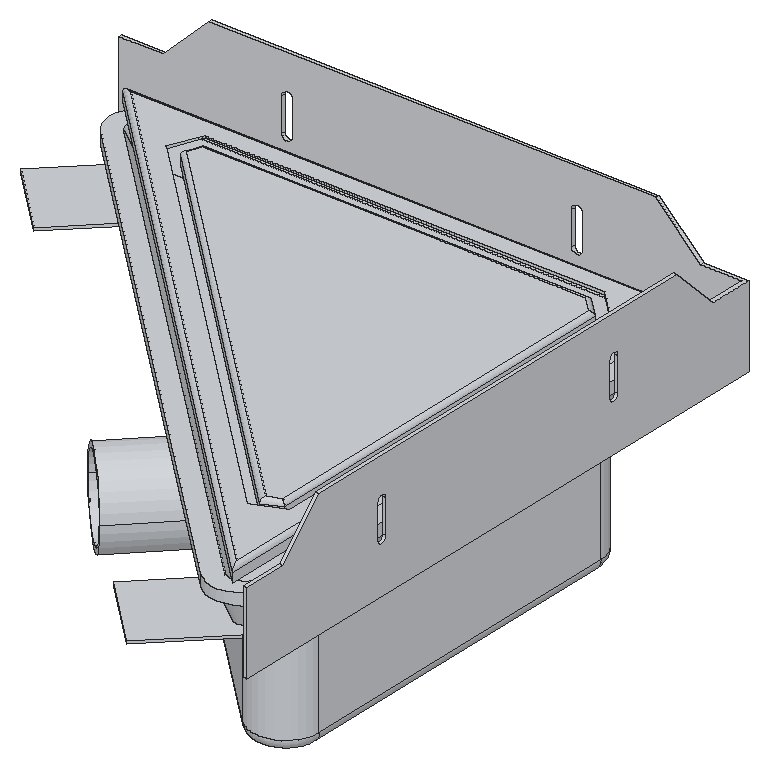
Revit family "S-794", category Plumbing Fixtures, Revit 2015
Parameters (values of type "S-794_40_ELEGANCE")
  WFU = 1
  URL = "http://www.jimten.com/en/producto/372/sumidero-linnum-triangular-sorientable"
  Total Minimum Height = "98-108mm"  # constant formula
  Size = "236mm x 331mm x 236 mm"
  Reference = "13358"
  Outlet = "40H"
  Model = "S-794"  # constant formula
  Material = ABS
  Hmin = 6 mm  # constant formula
  Hmax = 16 mm  # constant formula
  Hidraulic seal = "50 mm"  # constant formula
  HCal [instance] = if(HeightGrid < Hmax, if(HeightGrid > Hmin, HeightGrid, Hmin), Hmax)  # 10 mm
  HeightGrid [instance] = 10 mm
  Manufacturer = "Jimten"  # constant formula
  Grid = INOX AISI304
  Flowrate = 0.8 L/s  # constant formula
  F = 50 mm
  E = 40 mm
  Dmin = 10 mm  # constant formula
  Dmax = 26 mm  # constant formula
  Description = "TRIANGULAR FLOOR GULLY FOR CORNER TILED SHOWERS, REMOVABLE TRAP, ORIENTABLE HORIZONTAL OUTLET, WITH GRID ELEGANCE, HEIGHT REGULATION"  # constant formula
  DCal [instance] = if(D < Dmax, if(D > Dmin, D, Dmin), Dmax)  # 10 mm
  D [instance] = 10 mm
  Type Comments = "WITH WALL FIXATION, WITH PRESSING RING FOR WATERPROOFING PVC OR GEOTEXTILE MEMBRANES. WITH PROTECTION COVER.  WITH GRID HEIGHT ADJUSTABLE."  # constant formula
Types (2, lengths in mm): name | Reference | Outlet
  S-794_40-50_ELEGANCE | "13359" | "40M/50M"
  S-794_40_ELEGANCE | "13358" | "40H"
Reference planes
  plane 1 "Center (Front/Back)": y = 0
  plane 2: z = 0
  plane 3 "Center (Left/Right)": x = 0
  plane 4: z = -10
  plane 5: y = -10
  plane 6: x = -10
Dimensions and locks
  "HCal": level to plane 4
  "DCal": plane 5 to plane 1 "Center (Front/Back)"
  "DCal": plane 6 to plane 3 "Center (Left/Right)"
  locked: nested 2 to nested 1 at 9.5
  locked: nested 1 to nested 2 at 9.5
  aligned and locked: level to plane 2
  aligned and locked: plane 4 to nested 1
  aligned and locked: plane 6 to nested 1
  aligned and locked: plane 5 to nested 1
  aligned and locked: plane 1 "Center (Front/Back)" to nested 3
  aligned and locked: plane 3 "Center (Left/Right)" to nested 3
  aligned and locked: nested 3 to nested 1
Nested families
  nested 1: "S-794_Outlet" at (-10, -10, -10), type "S-794_Outlet"
  nested 2: "S-794_RejillaElegance" at (-10, -10, 0), type "S-794_RejillaElegance"
  nested 3: "S-794_Fijo" at (0, 0, -29), type "S-794_Fijo"
Connectors
  piping at (-162.514, -162.514, -66.621), diameter 40, driven by "E", driven by "WFU", driven by "Flowrate"
    settings: on nested 1, index 1, connector inside diameter 609.6 mm, connector length 0 mm, flow factor 0, pipe flow 0.8 L/s, pressure drop 0.0 Pa, fitting loss kfactor 0, connector angle 0.00°, fixture units 1, engagement length 0 mm, angle of deflection 0.00°, flow configuration 0, flow direction 2, fitting loss method 0, system type 16, joint type 0, gender type 0, connector reference index -1, connector utility 0, adjustable connector yes, is connector primary yes, connector description ""
Definition of nested family "S-794_Outlet"
  Parameters (values of type "S-790_Outlet")
    MaterialOutlet = none
    F = 50 mm
    Eint = E - 5 mm  # 35 mm
    E = 40 mm
    G = 91.778 mm
    C = 394.5 mm
    B = 255 mm
    A = 188 mm
  Reference planes
    plane 1 "Center (Front/Back)": y = 0
    plane 2: z = 0
    plane 3 "Center (Left/Right)": x = 0
    plane 4: z = -91.778
    plane 5 "E2": z = -56.621
    plane 6: x = -255
    plane 7: y = -255
    plane 8 "A1": through (-265.872, -10.872, 1200) normal (0.7071, 0.7071, 0)
    plane 9 "A2": through (-127.339, 116.466, 1200) normal (0.7071, 0.7071, 0)
    plane 10 "E": through (-196.532, -51.928, 1200) normal (0.7071, 0.7071, 0)
    plane 11: through (0, 0, 1200) normal (0.7071, -0.7071, 0)
    plane 12: through (-318.87, 13.842, 1200) normal (0.7071, 0.7071, 0)
  Forms (mm)
    Sweep 1, solid
      path origin (0, 0, 0) x (1, 0, 0) y (0, 1, 0)
        loop
          line (-250.284, -26.46) -> (-26.46, -250.284)
          arc (-26.46, -250.284) -> (-9.568, -253.644) -> (0, -239.324) r 15.5
          line (0, -239.324) -> (0, -18.5)
          arc (0, -18.5) -> (-5.419, -5.419) -> (-18.5, 0) r 18.5
          line (-18.5, 0) -> (-239.324, 0)
          arc (-239.324, 0) -> (-253.644, -9.568) -> (-250.284, -26.46) r 15.5
      profile origin (-138.372, -138.372, 0) x (0.707107, 0.707107, 0) y (0, 0, 1)
        loop
          line (0, 0) -> (0, -5) -> (5, -5) -> (11.133, -19) -> (14.402, -19) -> (14.402, -14) -> (8.268, 0) -> (0, 0)
    Extrusion 2, solid
      sketch origin (0, 0, 0) x (1, 0, 0) y (0, 1, 0)
        loop
          line (-240.101, -16.277) -> (-16.277, -240.101)
          arc (-16.277, -240.101) -> (-15.08, -240.339) -> (-14.402, -239.324) r 1.098
          line (-14.402, -239.324) -> (-14.402, -18.5)
          arc (-14.402, -18.5) -> (-15.602, -15.602) -> (-18.5, -14.402) r 4.098
          line (-18.5, -14.402) -> (-239.324, -14.402)
          arc (-239.324, -14.402) -> (-240.339, -15.08) -> (-240.101, -16.277) r 1.098
        loop
          circle (-80.08, -80.08) r 25
      from -19 to -14
    Sweep 3, solid
      path origin (131.491, -10.422, -19) x (0, -1, 0) y (1, 0, 0)
        loop
          line (9.578, -166.491) -> (9.578, -323.738)
          arc (9.578, -323.738) -> (18.838, -337.596) -> (35.185, -334.344) r 15
          line (35.185, -334.344) -> (192.432, -177.098)
          arc (192.432, -177.098) -> (195.683, -160.751) -> (181.825, -151.491) r 15
          line (181.825, -151.491) -> (24.578, -151.491)
          arc (24.578, -151.491) -> (13.971, -155.884) -> (9.578, -166.491) r 15
      profile origin (-113.623, -20, -19) x (0, -1, 0) y (0, 0, 1)
        loop
          line (0, 0) -> (0, -67.778)
          arc (0, -67.778) -> (1.464, -71.314) -> (5, -72.778) r 5
          line (5, -72.778) -> (5, 0) -> (0, 0)
    Extrusion 4, solid
      sketch origin (0, 0, 0) x (1, 0, 0) y (0, 1, 0)
        loop
          line (-199.318, -42.071) -> (-42.071, -199.318)
          arc (-42.071, -199.318) -> (-31.173, -201.486) -> (-25, -192.247) r 10
          line (-25, -192.247) -> (-25, -35)
          arc (-25, -35) -> (-27.929, -27.929) -> (-35, -25) r 10
          line (-35, -25) -> (-192.247, -25)
          arc (-192.247, -25) -> (-201.486, -31.173) -> (-199.318, -42.071) r 10
      from -91.778 to -86.6
    Extrusion 5, solid
      sketch origin (-105.039, -143.421, 0) x (-0.707107, 0.707107, 0) y (0, 0, 1)
        loop
          circle (27.14, -56.621) r 20
        loop
          circle (27.14, -56.621) r 17.5
      from -40 to 0
    Extrusion 6, void
      sketch origin (-124.23, -124.23, 0) x (-0.707107, 0.707107, 0) y (0, 0, 1)
        loop
          circle (0, -56.621) r 17.5
      from 0 to 5
  Cuts and joins
    joined: Sweep 1, Extrusion 2
    Extrusion 6 cuts Sweep 3
    joined: Sweep 3, Extrusion 4, Extrusion 5
  Dimensions and locks
    "G": level to plane 4
    plane 5 "E2" to plane 4 = 35.157 mm
    "B": plane 6 to plane 3 "Center (Left/Right)"
    "B": plane 7 to plane 1 "Center (Front/Back)"
    "A": plane 9 "A2" to plane 8 "A1"
    plane 8 "A1" to plane 12 = 20 mm
    "Eint": diameter of Extrusion 5 sketch curve
    "E": diameter of Extrusion 5 sketch curve
    aligned and locked: level to plane 2
    aligned and locked: Sweep 1 sketch curve to plane 1 "Center (Front/Back)"
    aligned and locked: plane 3 "Center (Left/Right)" to Sweep 1 sketch curve
    aligned and locked: Sweep 1 sketch curve to plane 8 "A1"
    aligned and locked: Extrusion 2 sketch curve to Sweep 1  (x3)
    aligned and locked: Sweep 1 to Extrusion 2
    aligned and locked: Extrusion 2 to Sweep 1
    aligned and locked: Sweep 3 to plane 4
    aligned and locked: Sweep 3 to cut or joined group of Sweep 1, Extrusion 2
    aligned and locked: Extrusion 4 sketch curve to Sweep 3  (x3)
    aligned and locked: Extrusion 4 to Sweep 3
    aligned and locked: plane 5 "E2" to Extrusion 5 sketch curve
    aligned and locked: Extrusion 6 sketch curve to Extrusion 5
    aligned and locked: Extrusion 5 to plane 12
  Automatic sketch dimensions
    plane 7 to Sweep 1 sketch curve = 15.676 mm
    Sweep 1 sketch curve to plane 3 "Center (Left/Right)" = 18.5 mm
    plane 7 to Sweep 1 sketch curve = 4.716 mm
    plane 6 to Sweep 1 sketch curve = 15.676 mm
    plane 6 to Sweep 1 sketch curve = 4.716 mm
    Sweep 1 sketch curve to profile plane = 0 mm
    Sweep 1 sketch curve to level = 0 mm
    Sweep 1 sketch curve to profile plane = 8.268 mm
    Sweep 1 sketch curve to profile plane = 11.133 mm
    Sweep 1 sketch curve to Sweep 1 sketch curve = 3.268 mm
    Sweep 1 sketch curve to Sweep 1 sketch curve = 5 mm  (x2)
    Sweep 1 sketch curve to Sweep 1 sketch curve = 14 mm
    Sweep 1 sketch curve to profile plane = 5 mm
    Extrusion 2 sketch curve to Extrusion 2 sketch curve = 0.777 mm
    Extrusion 2 sketch curve to plane 3 "Center (Left/Right)" = 80.08 mm
    plane 7 to Extrusion 2 sketch curve = 14.899 mm
    plane 1 "Center (Front/Back)" to Extrusion 2 sketch curve = 80.08 mm
    Sweep 3 sketch curve to Sweep 3 sketch curve = 15 mm
    Sweep 3 sketch curve to Sweep 3 sketch curve = 10.607 mm  (x2)
    Sweep 3 sketch curve to Sweep 3 sketch curve = 157.247 mm  (x3)
    Sweep 3 sketch curve to profile plane = 0 mm  (x2)
    Sweep 3 sketch curve to profile plane = 5 mm
    Sweep 3 sketch curve to profile plane = 67.778 mm
    Extrusion 4 sketch curve to Extrusion 4 sketch curve = 7.071 mm
    plane 1 "Center (Front/Back)" to Extrusion 4 sketch curve = 42.071 mm
    plane 11 to Sweep 3 sketch curve = 0 mm
    Sweep 3 sketch curve to plane 10 "E" = 0 mm  (x2)
    Extrusion 5 sketch curve to Extrusion 5 sketch curve = 0 mm  (x2)
    Extrusion 5 sketch curve to plane 11 = 0 mm
    radius of Extrusion 2 sketch curve = 25 mm
Definition of nested family "S-794_RejillaElegance"
  Parameters (values of type "S-794_RejillaElegance")
    MaterialRejilla = none
    K = 169 mm
    J = 331.5 mm
    I = 236 mm
  Reference planes
    plane 1 "Center (Front/Back)": y = 0
    plane 2: z = 0
    plane 3 "Center (Left/Right)": x = 0
    plane 4: x = -255
    plane 5: y = -255
    plane 6 "A1": through (-265.872, -10.872, 1200) normal (0.7071, 0.7071, 0)
    plane 7 "A2": through (-127.339, 116.466, 1200) normal (0.7071, 0.7071, 0)
    plane 8: through (0, 0, 1200) normal (0.7071, -0.7071, 0)
    plane 9: through (-301.281, 37.971, 1200) normal (0.7071, 0.7071, 0)
    plane 10: through (-188.106, 163.799, 1200) normal (0.7071, 0.7071, 0)
    plane 11: y = -9.5
    plane 12: y = -245.5
    plane 13: x = -245.5
    plane 14: x = -9.5
    plane 15 "lineas de modelo": z = 1
  Forms (mm)
    Extrusion 1, solid
      sketch origin (0, 0, 0) x (1, 0, 0) y (0, 1, 0)
        loop
          line (-30.531, -19.5) -> (-209.244, -19.5) -> (-215.226, -33.942) -> (-33.942, -215.226) -> (-19.5, -209.244) -> (-19.5, -30.531) -> (-30.531, -19.5)
        loop
          line (-248.981, -11.5) -> (-11.5, -248.981) -> (-11.5, -11.5) -> (-248.981, -11.5)
      from -1 to 0
    Sweep 2, solid
      path origin (0, 0, 0) x (1, 0, 0) y (0, 1, 0)
        loop
          line (-209.328, -32.768) -> (-32.768, -209.328) -> (-24.5, -205.903) -> (-24.5, -32.602) -> (-32.602, -24.5) -> (-205.903, -24.5) -> (-209.328, -32.768)
      profile origin (-121.048, -121.048, 0) x (0.707107, 0.707107, 0) y (0, 0, 1)
        loop
          line (0, -2) -> (0, -6) -> (2, -6) -> (2, 0)
          arc (2, 0) -> (0.586, -0.586) -> (0, -2) r 2
    Extrusion 3, solid
      sketch origin (0, 0, 0) x (1, 0, 0) y (0, 1, 0)
        loop
          line (-206.969, -32.299) -> (-32.299, -206.969) -> (-26.5, -204.567) -> (-26.5, -33.43) -> (-33.43, -26.5) -> (-204.567, -26.5) -> (-206.969, -32.299)
      from -1 to 0
    Sweep 4, solid
      path origin (-265, 0, 0) x (1, 0, 0) y (0, 1, 0)
        loop
          line (11.191, -9.5) -> (255.5, -253.809) -> (255.5, -9.5) -> (11.191, -9.5)
      profile origin (-131.655, -131.655, 0) x (0.707107, 0.707107, 0) y (0, 0, 1)
        loop
          line (0, -2) -> (0, -6) -> (2, -6) -> (2, 0)
          arc (2, 0) -> (0.586, -0.586) -> (0, -2) r 2
  Cuts and joins
    joined: Extrusion 1, Sweep 4
    joined: Sweep 2, Extrusion 3
  Lines and regions (mm)
    model lines, detail levels medium+fine
      curve 1: line (-155.108, -47.201, 1) -> (-155.108, -53.836, 1)
      curve 2: line (-148.503, -47.201, 1) -> (-155.108, -47.201, 1)
      curve 3: line (-148.503, -53.836, 1) -> (-148.503, -47.201, 1)
      curve 4: line (-155.108, -53.836, 1) -> (-148.503, -53.836, 1)
      curve 5: line (-158.18, -49.904, 1) -> (-158.18, -37.554, 1)
      curve 6: line (-164.785, -49.904, 1) -> (-158.18, -49.904, 1)
      curve 7: line (-164.785, -37.554, 1) -> (-164.785, -49.904, 1)
      curve 8: line (-158.18, -37.554, 1) -> (-164.785, -37.554, 1)
      curve 9: line (-167.857, -37.554, 1) -> (-174.462, -37.554, 1)
      curve 10: line (-174.462, -37.554, 1) -> (-174.462, -49.904, 1)
      curve 11: line (-174.462, -49.904, 1) -> (-167.857, -49.904, 1)
      curve 12: line (-167.857, -49.904, 1) -> (-167.857, -37.554, 1)
      curve 13: line (-155.108, -37.554, 1) -> (-155.108, -44.19, 1)
      curve 14: line (-148.503, -37.554, 1) -> (-155.108, -37.554, 1)
      curve 15: line (-148.503, -44.19, 1) -> (-148.503, -37.554, 1)
      curve 16: line (-155.108, -44.19, 1) -> (-148.503, -44.19, 1)
      curve 17: line (-145.431, -44.19, 1) -> (-138.826, -44.19, 1)
      curve 18: line (-145.431, -37.554, 1) -> (-145.431, -44.19, 1)
      curve 19: line (-138.826, -37.554, 1) -> (-145.431, -37.554, 1)
      curve 20: line (-138.826, -44.19, 1) -> (-138.826, -37.554, 1)
      curve 21: line (-145.431, -47.201, 1) -> (-145.431, -53.836, 1)
      curve 22: line (-138.826, -47.201, 1) -> (-145.431, -47.201, 1)
      curve 23: line (-138.826, -53.836, 1) -> (-138.826, -47.201, 1)
      curve 24: line (-145.431, -53.836, 1) -> (-138.826, -53.836, 1)
      curve 25: line (-155.108, -60.841, 1) -> (-155.108, -73.19, 1)
      curve 26: line (-148.503, -60.841, 1) -> (-155.108, -60.841, 1)
      curve 27: line (-148.503, -73.19, 1) -> (-148.503, -60.841, 1)
      curve 28: line (-155.108, -73.19, 1) -> (-148.503, -73.19, 1)
      curve 29: line (-145.431, -73.19, 1) -> (-138.826, -73.19, 1)
      curve 30: line (-145.431, -60.841, 1) -> (-145.431, -73.19, 1)
      curve 31: line (-138.826, -60.841, 1) -> (-145.431, -60.841, 1)
      curve 32: line (-138.826, -73.19, 1) -> (-138.826, -60.841, 1)
      curve 33: line (-104.472, -47.201, 1) -> (-104.472, -53.836, 1)
      curve 34: line (-97.867, -47.201, 1) -> (-104.472, -47.201, 1)
      curve 35: line (-97.867, -53.836, 1) -> (-97.867, -47.201, 1)
      curve 36: line (-104.472, -53.836, 1) -> (-97.867, -53.836, 1)
      curve 37: line (-107.544, -49.904, 1) -> (-107.544, -37.554, 1)
      curve 38: line (-114.149, -49.904, 1) -> (-107.544, -49.904, 1)
      curve 39: line (-114.149, -37.554, 1) -> (-114.149, -49.904, 1)
      curve 40: line (-107.544, -37.554, 1) -> (-114.149, -37.554, 1)
      curve 41: line (-117.221, -37.554, 1) -> (-123.826, -37.554, 1)
      curve 42: line (-123.826, -37.554, 1) -> (-123.826, -49.904, 1)
      curve 43: line (-123.826, -49.904, 1) -> (-117.221, -49.904, 1)
      curve 44: line (-117.221, -49.904, 1) -> (-117.221, -37.554, 1)
      curve 45: line (-104.472, -37.554, 1) -> (-104.472, -44.19, 1)
      curve 46: line (-97.867, -37.554, 1) -> (-104.472, -37.554, 1)
      curve 47: line (-97.867, -44.19, 1) -> (-97.867, -37.554, 1)
      curve 48: line (-104.472, -44.19, 1) -> (-97.867, -44.19, 1)
      curve 49: line (-94.795, -44.19, 1) -> (-88.19, -44.19, 1)
      curve 50: line (-94.795, -37.554, 1) -> (-94.795, -44.19, 1)
      curve 51: line (-88.19, -37.554, 1) -> (-94.795, -37.554, 1)
      curve 52: line (-88.19, -44.19, 1) -> (-88.19, -37.554, 1)
      curve 53: line (-94.795, -47.201, 1) -> (-94.795, -53.836, 1)
      curve 54: line (-88.19, -47.201, 1) -> (-94.795, -47.201, 1)
      curve 55: line (-88.19, -53.836, 1) -> (-88.19, -47.201, 1)
      curve 56: line (-94.795, -53.836, 1) -> (-88.19, -53.836, 1)
      curve 57: line (-107.544, -63.544, 1) -> (-107.544, -56.908, 1)
      curve 58: line (-114.149, -63.544, 1) -> (-107.544, -63.544, 1)
      curve 59: line (-114.149, -56.908, 1) -> (-114.149, -63.544, 1)
      curve 60: line (-107.544, -56.908, 1) -> (-114.149, -56.908, 1)
      curve 61: line (-107.544, -73.19, 1) -> (-107.544, -66.555, 1)
      curve 62: line (-114.149, -73.19, 1) -> (-107.544, -73.19, 1)
      curve 63: line (-114.149, -66.555, 1) -> (-114.149, -73.19, 1)
      curve 64: line (-107.544, -66.555, 1) -> (-114.149, -66.555, 1)
      curve 65: line (-117.221, -66.555, 1) -> (-123.826, -66.555, 1)
      curve 66: line (-117.221, -73.19, 1) -> (-117.221, -66.555, 1)
      curve 67: line (-123.826, -73.19, 1) -> (-117.221, -73.19, 1)
      curve 68: line (-123.826, -66.555, 1) -> (-123.826, -73.19, 1)
      curve 69: line (-117.221, -63.544, 1) -> (-117.221, -56.908, 1)
      curve 70: line (-123.826, -63.544, 1) -> (-117.221, -63.544, 1)
      curve 71: line (-123.826, -56.908, 1) -> (-123.826, -63.544, 1)
      curve 72: line (-117.221, -56.908, 1) -> (-123.826, -56.908, 1)
      curve 73: line (-104.472, -60.841, 1) -> (-104.472, -73.19, 1)
      curve 74: line (-97.867, -60.841, 1) -> (-104.472, -60.841, 1)
      curve 75: line (-97.867, -73.19, 1) -> (-97.867, -60.841, 1)
      curve 76: line (-104.472, -73.19, 1) -> (-97.867, -73.19, 1)
      curve 77: line (-94.795, -73.19, 1) -> (-88.19, -73.19, 1)
      curve 78: line (-94.795, -60.841, 1) -> (-94.795, -73.19, 1)
      curve 79: line (-88.19, -60.841, 1) -> (-94.795, -60.841, 1)
      curve 80: line (-88.19, -73.19, 1) -> (-88.19, -60.841, 1)
      curve 81: line (-53.836, -47.201, 1) -> (-53.836, -53.836, 1)
      curve 82: line (-47.231, -47.201, 1) -> (-53.836, -47.201, 1)
      curve 83: line (-47.231, -53.836, 1) -> (-47.231, -47.201, 1)
      curve 84: line (-53.836, -53.836, 1) -> (-47.231, -53.836, 1)
      curve 85: line (-56.908, -49.904, 1) -> (-56.908, -37.554, 1)
      curve 86: line (-63.513, -49.904, 1) -> (-56.908, -49.904, 1)
      curve 87: line (-63.513, -37.554, 1) -> (-63.513, -49.904, 1)
      curve 88: line (-56.908, -37.554, 1) -> (-63.513, -37.554, 1)
      curve 89: line (-66.585, -37.554, 1) -> (-73.19, -37.554, 1)
      curve 90: line (-73.19, -37.554, 1) -> (-73.19, -49.904, 1)
      curve 91: line (-73.19, -49.904, 1) -> (-66.585, -49.904, 1)
      curve 92: line (-66.585, -49.904, 1) -> (-66.585, -37.554, 1)
      curve 93: line (-53.836, -37.554, 1) -> (-53.836, -44.19, 1)
      curve 94: line (-47.231, -37.554, 1) -> (-53.836, -37.554, 1)
      curve 95: line (-47.231, -44.19, 1) -> (-47.231, -37.554, 1)
      curve 96: line (-53.836, -44.19, 1) -> (-47.231, -44.19, 1)
      curve 97: line (-44.159, -44.19, 1) -> (-37.554, -44.19, 1)
      curve 98: line (-44.159, -37.554, 1) -> (-44.159, -44.19, 1)
      curve 99: line (-37.554, -37.554, 1) -> (-44.159, -37.554, 1)
      curve 100: line (-37.554, -44.19, 1) -> (-37.554, -37.554, 1)
      curve 101: line (-44.159, -47.201, 1) -> (-44.159, -53.836, 1)
      curve 102: line (-37.554, -47.201, 1) -> (-44.159, -47.201, 1)
      curve 103: line (-37.554, -53.836, 1) -> (-37.554, -47.201, 1)
      curve 104: line (-44.159, -53.836, 1) -> (-37.554, -53.836, 1)
      curve 105: line (-56.908, -63.544, 1) -> (-56.908, -56.908, 1)
      curve 106: line (-63.513, -63.544, 1) -> (-56.908, -63.544, 1)
      curve 107: line (-63.513, -56.908, 1) -> (-63.513, -63.544, 1)
      curve 108: line (-56.908, -56.908, 1) -> (-63.513, -56.908, 1)
      curve 109: line (-56.908, -73.19, 1) -> (-56.908, -66.555, 1)
      curve 110: line (-63.513, -73.19, 1) -> (-56.908, -73.19, 1)
      curve 111: line (-63.513, -66.555, 1) -> (-63.513, -73.19, 1)
      curve 112: line (-56.908, -66.555, 1) -> (-63.513, -66.555, 1)
      curve 113: line (-66.585, -66.555, 1) -> (-73.19, -66.555, 1)
      curve 114: line (-66.585, -73.19, 1) -> (-66.585, -66.555, 1)
      curve 115: line (-73.19, -73.19, 1) -> (-66.585, -73.19, 1)
      curve 116: line (-73.19, -66.555, 1) -> (-73.19, -73.19, 1)
      curve 117: line (-66.585, -63.544, 1) -> (-66.585, -56.908, 1)
      curve 118: line (-73.19, -63.544, 1) -> (-66.585, -63.544, 1)
      curve 119: line (-73.19, -56.908, 1) -> (-73.19, -63.544, 1)
      curve 120: line (-66.585, -56.908, 1) -> (-73.19, -56.908, 1)
      curve 121: line (-53.836, -60.841, 1) -> (-53.836, -73.19, 1)
      curve 122: line (-47.231, -60.841, 1) -> (-53.836, -60.841, 1)
      curve 123: line (-47.231, -73.19, 1) -> (-47.231, -60.841, 1)
      curve 124: line (-53.836, -73.19, 1) -> (-47.231, -73.19, 1)
      curve 125: line (-44.159, -73.19, 1) -> (-37.554, -73.19, 1)
      curve 126: line (-44.159, -60.841, 1) -> (-44.159, -73.19, 1)
      curve 127: line (-37.554, -60.841, 1) -> (-44.159, -60.841, 1)
      curve 128: line (-37.554, -73.19, 1) -> (-37.554, -60.841, 1)
      curve 129: line (-104.472, -97.836, 1) -> (-104.472, -104.472, 1)
      curve 130: line (-97.867, -97.836, 1) -> (-104.472, -97.836, 1)
      curve 131: line (-97.867, -104.472, 1) -> (-97.867, -97.836, 1)
      curve 132: line (-104.472, -104.472, 1) -> (-97.867, -104.472, 1)
      curve 133: line (-107.544, -100.54, 1) -> (-107.544, -88.19, 1)
      curve 134: line (-114.149, -100.54, 1) -> (-107.544, -100.54, 1)
      curve 135: line (-114.149, -88.19, 1) -> (-114.149, -100.54, 1)
      curve 136: line (-107.544, -88.19, 1) -> (-114.149, -88.19, 1)
      curve 137: line (-117.221, -88.19, 1) -> (-123.826, -88.19, 1)
      curve 138: line (-123.826, -88.19, 1) -> (-123.826, -100.54, 1)
      curve 139: line (-123.826, -100.54, 1) -> (-117.221, -100.54, 1)
      curve 140: line (-117.221, -100.54, 1) -> (-117.221, -88.19, 1)
      curve 141: line (-104.472, -88.19, 1) -> (-104.472, -94.826, 1)
      curve 142: line (-97.867, -88.19, 1) -> (-104.472, -88.19, 1)
      curve 143: line (-97.867, -94.826, 1) -> (-97.867, -88.19, 1)
      curve 144: line (-104.472, -94.826, 1) -> (-97.867, -94.826, 1)
      curve 145: line (-94.795, -94.826, 1) -> (-88.19, -94.826, 1)
      curve 146: line (-94.795, -88.19, 1) -> (-94.795, -94.826, 1)
      curve 147: line (-88.19, -88.19, 1) -> (-94.795, -88.19, 1)
      curve 148: line (-88.19, -94.826, 1) -> (-88.19, -88.19, 1)
      curve 149: line (-94.795, -97.836, 1) -> (-94.795, -104.472, 1)
      curve 150: line (-88.19, -97.836, 1) -> (-94.795, -97.836, 1)
      curve 151: line (-88.19, -104.472, 1) -> (-88.19, -97.836, 1)
      curve 152: line (-94.795, -104.472, 1) -> (-88.19, -104.472, 1)
      curve 153: line (-104.472, -111.476, 1) -> (-104.472, -123.826, 1)
      curve 154: line (-97.867, -111.476, 1) -> (-104.472, -111.476, 1)
      curve 155: line (-97.867, -123.826, 1) -> (-97.867, -111.476, 1)
      curve 156: line (-104.472, -123.826, 1) -> (-97.867, -123.826, 1)
      curve 157: line (-94.795, -123.826, 1) -> (-88.19, -123.826, 1)
      curve 158: line (-94.795, -111.476, 1) -> (-94.795, -123.826, 1)
      curve 159: line (-88.19, -111.476, 1) -> (-94.795, -111.476, 1)
      curve 160: line (-88.19, -123.826, 1) -> (-88.19, -111.476, 1)
      curve 161: line (-53.836, -97.836, 1) -> (-53.836, -104.472, 1)
      curve 162: line (-47.231, -97.836, 1) -> (-53.836, -97.836, 1)
      curve 163: line (-47.231, -104.472, 1) -> (-47.231, -97.836, 1)
      curve 164: line (-53.836, -104.472, 1) -> (-47.231, -104.472, 1)
      curve 165: line (-56.908, -100.54, 1) -> (-56.908, -88.19, 1)
      curve 166: line (-63.513, -100.54, 1) -> (-56.908, -100.54, 1)
      curve 167: line (-63.513, -88.19, 1) -> (-63.513, -100.54, 1)
      curve 168: line (-56.908, -88.19, 1) -> (-63.513, -88.19, 1)
      curve 169: line (-66.585, -88.19, 1) -> (-73.19, -88.19, 1)
      curve 170: line (-73.19, -88.19, 1) -> (-73.19, -100.54, 1)
      curve 171: line (-73.19, -100.54, 1) -> (-66.585, -100.54, 1)
      curve 172: line (-66.585, -100.54, 1) -> (-66.585, -88.19, 1)
      curve 173: line (-53.836, -88.19, 1) -> (-53.836, -94.826, 1)
      curve 174: line (-47.231, -88.19, 1) -> (-53.836, -88.19, 1)
      curve 175: line (-47.231, -94.826, 1) -> (-47.231, -88.19, 1)
      curve 176: line (-53.836, -94.826, 1) -> (-47.231, -94.826, 1)
      curve 177: line (-44.159, -94.826, 1) -> (-37.554, -94.826, 1)
      curve 178: line (-44.159, -88.19, 1) -> (-44.159, -94.826, 1)
      curve 179: line (-37.554, -88.19, 1) -> (-44.159, -88.19, 1)
      curve 180: line (-37.554, -94.826, 1) -> (-37.554, -88.19, 1)
      curve 181: line (-44.159, -97.836, 1) -> (-44.159, -104.472, 1)
      curve 182: line (-37.554, -97.836, 1) -> (-44.159, -97.836, 1)
      curve 183: line (-37.554, -104.472, 1) -> (-37.554, -97.836, 1)
      curve 184: line (-44.159, -104.472, 1) -> (-37.554, -104.472, 1)
      curve 185: line (-56.908, -114.18, 1) -> (-56.908, -107.544, 1)
      curve 186: line (-63.513, -114.18, 1) -> (-56.908, -114.18, 1)
      curve 187: line (-63.513, -107.544, 1) -> (-63.513, -114.18, 1)
      curve 188: line (-56.908, -107.544, 1) -> (-63.513, -107.544, 1)
      curve 189: line (-56.908, -123.826, 1) -> (-56.908, -117.19, 1)
      curve 190: line (-63.513, -123.826, 1) -> (-56.908, -123.826, 1)
      curve 191: line (-63.513, -117.19, 1) -> (-63.513, -123.826, 1)
      curve 192: line (-56.908, -117.19, 1) -> (-63.513, -117.19, 1)
      curve 193: line (-66.585, -117.19, 1) -> (-73.19, -117.19, 1)
      curve 194: line (-66.585, -123.826, 1) -> (-66.585, -117.19, 1)
      curve 195: line (-73.19, -123.826, 1) -> (-66.585, -123.826, 1)
      curve 196: line (-73.19, -117.19, 1) -> (-73.19, -123.826, 1)
      curve 197: line (-66.585, -114.18, 1) -> (-66.585, -107.544, 1)
      curve 198: line (-73.19, -114.18, 1) -> (-66.585, -114.18, 1)
      curve 199: line (-73.19, -107.544, 1) -> (-73.19, -114.18, 1)
      curve 200: line (-66.585, -107.544, 1) -> (-73.19, -107.544, 1)
      curve 201: line (-53.836, -111.476, 1) -> (-53.836, -123.826, 1)
      curve 202: line (-47.231, -111.476, 1) -> (-53.836, -111.476, 1)
      curve 203: line (-47.231, -123.826, 1) -> (-47.231, -111.476, 1)
      curve 204: line (-53.836, -123.826, 1) -> (-47.231, -123.826, 1)
      curve 205: line (-44.159, -123.826, 1) -> (-37.554, -123.826, 1)
      curve 206: line (-44.159, -111.476, 1) -> (-44.159, -123.826, 1)
      curve 207: line (-37.554, -111.476, 1) -> (-44.159, -111.476, 1)
      curve 208: line (-37.554, -123.826, 1) -> (-37.554, -111.476, 1)
      curve 209: line (-53.836, -148.472, 1) -> (-53.836, -155.108, 1)
      curve 210: line (-47.231, -148.472, 1) -> (-53.836, -148.472, 1)
      curve 211: line (-47.231, -155.108, 1) -> (-47.231, -148.472, 1)
      curve 212: line (-53.836, -155.108, 1) -> (-47.231, -155.108, 1)
      curve 213: line (-56.908, -151.176, 1) -> (-56.908, -138.826, 1)
      curve 214: line (-63.513, -151.176, 1) -> (-56.908, -151.176, 1)
      curve 215: line (-63.513, -138.826, 1) -> (-63.513, -151.176, 1)
      curve 216: line (-56.908, -138.826, 1) -> (-63.513, -138.826, 1)
      curve 217: line (-66.585, -138.826, 1) -> (-73.19, -138.826, 1)
      curve 218: line (-73.19, -138.826, 1) -> (-73.19, -151.176, 1)
      curve 219: line (-73.19, -151.176, 1) -> (-66.585, -151.176, 1)
      curve 220: line (-66.585, -151.176, 1) -> (-66.585, -138.826, 1)
      curve 221: line (-53.836, -138.826, 1) -> (-53.836, -145.462, 1)
      curve 222: line (-47.231, -138.826, 1) -> (-53.836, -138.826, 1)
      curve 223: line (-47.231, -145.462, 1) -> (-47.231, -138.826, 1)
      curve 224: line (-53.836, -145.462, 1) -> (-47.231, -145.462, 1)
      curve 225: line (-44.159, -145.462, 1) -> (-37.554, -145.462, 1)
      curve 226: line (-44.159, -138.826, 1) -> (-44.159, -145.462, 1)
      curve 227: line (-37.554, -138.826, 1) -> (-44.159, -138.826, 1)
      curve 228: line (-37.554, -145.462, 1) -> (-37.554, -138.826, 1)
      curve 229: line (-44.159, -148.472, 1) -> (-44.159, -155.108, 1)
      curve 230: line (-37.554, -148.472, 1) -> (-44.159, -148.472, 1)
      curve 231: line (-37.554, -155.108, 1) -> (-37.554, -148.472, 1)
      curve 232: line (-44.159, -155.108, 1) -> (-37.554, -155.108, 1)
      curve 233: line (-53.836, -162.112, 1) -> (-53.836, -174.462, 1)
      curve 234: line (-47.231, -162.112, 1) -> (-53.836, -162.112, 1)
      curve 235: line (-47.231, -174.462, 1) -> (-47.231, -162.112, 1)
      curve 236: line (-53.836, -174.462, 1) -> (-47.231, -174.462, 1)
      curve 237: line (-44.159, -174.462, 1) -> (-37.554, -174.462, 1)
      curve 238: line (-44.159, -162.112, 1) -> (-44.159, -174.462, 1)
      curve 239: line (-37.554, -162.112, 1) -> (-44.159, -162.112, 1)
      curve 240: line (-37.554, -174.462, 1) -> (-37.554, -162.112, 1)
  Dimensions and locks
    "K": plane 10 to plane 9
    "I": plane 13 to plane 14
    "I": plane 11 to plane 12
    aligned and locked: level to plane 2
    aligned and locked: level to Extrusion 1
    aligned and locked: Extrusion 3 sketch curve to Sweep 2  (x4)
    aligned and locked: Sweep 2 to Extrusion 3 sketch curve  (x2)
    aligned and locked: Extrusion 1 to Extrusion 3  (x2)
  Automatic sketch dimensions
    plane 13 to Sweep 2 sketch curve = 36.172 mm
    Sweep 2 sketch curve to plane 11 = 15 mm
    Sweep 2 sketch curve to Sweep 2 sketch curve = 3.425 mm  (x2)
    Sweep 2 sketch curve to plane 14 = 23.268 mm
    Sweep 2 sketch curve to plane 14 = 23.102 mm
    Sweep 2 sketch curve to Sweep 2 sketch curve = 8.102 mm  (x2)
    Sweep 2 sketch curve to Sweep 2 sketch curve = 8.268 mm
    plane 12 to Sweep 2 sketch curve = 39.597 mm
    Sweep 2 sketch curve to profile plane = 0 mm
    Sweep 2 sketch curve to level = 0 mm
    Sweep 2 sketch curve to profile plane = 2 mm
    Sweep 2 sketch curve to Sweep 2 sketch curve = 4 mm
    Sweep 4 sketch curve to profile plane = 0 mm
    Sweep 4 sketch curve to level = 0 mm
    Sweep 4 sketch curve to profile plane = 2 mm
    Sweep 4 sketch curve to Sweep 4 sketch curve = 4 mm
    Extrusion 1 sketch curve to plane 8 = 0 mm
    plane 13 to Extrusion 1 sketch curve = 30.274 mm
    Extrusion 1 sketch curve to Extrusion 1 sketch curve = 5.982 mm  (x2)
    Extrusion 1 sketch curve to plane 14 = 24.442 mm
    Extrusion 1 sketch curve to plane 11 = 10 mm
    Extrusion 1 sketch curve to plane 14 = 21.031 mm
    Extrusion 1 sketch curve to plane 14 = 10 mm
    Extrusion 1 sketch curve to plane 14 = 2 mm
    Extrusion 1 sketch curve to Extrusion 1 sketch curve = 11.031 mm
    Extrusion 1 sketch curve to Extrusion 1 sketch curve = 14.442 mm
    plane 12 to Extrusion 1 sketch curve = 36.256 mm
    Extrusion 1 sketch curve to plane 12 = 3.481 mm
    Extrusion 1 sketch curve to plane 13 = 3.481 mm
    Sweep 4 sketch curve to plane 9 = 0 mm  (x2)
    Sweep 4 sketch curve to plane 11 = 0 mm
    plane 8 to Sweep 4 sketch curve = 0 mm
    plane 8 to curve 99 = 0 mm
    plane 8 to curve 84 = 0 mm
    plane 8 to curve 108 = 0 mm
    plane 8 to curve 115 = 0 mm
    plane 8 to curve 147 = 0 mm
    plane 8 to curve 132 = 0 mm
    curve 240 to plane 14 = 28.054 mm
    curve 183 to plane 14 = 28.054 mm
    curve 180 to curve 182 = 0 mm
    curve 97 to plane 14 = 28.054 mm
    curve 205 to curve 183 = 0 mm
    curve 232 to curve 239 = 0 mm
    curve 128 to curve 97 = 0 mm
    curve 228 to curve 230 = 0 mm
    curve 104 to curve 127 = 0 mm
    curve 103 to curve 101 = 6.605 mm
    curve 225 to curve 225 = 6.605 mm
    curve 125 to curve 125 = 6.605 mm
    curve 229 to curve 225 = 0 mm
    curve 207 to curve 207 = 6.605 mm
    curve 99 to curve 99 = 6.605 mm
    curve 177 to curve 177 = 6.605 mm
    curve 237 to curve 237 = 6.605 mm
    curve 183 to curve 184 = 6.605 mm
    curve 125 to curve 123 = 3.072 mm
    curve 101 to curve 83 = 3.072 mm
    curve 206 to curve 202 = 3.072 mm
    curve 177 to curve 176 = 3.072 mm
    curve 98 to curve 94 = 3.072 mm
    curve 181 to curve 164 = 3.072 mm
    curve 237 to curve 236 = 3.072 mm
    curve 225 to curve 224 = 3.072 mm
    curve 210 to curve 223 = 0 mm
    curve 122 to curve 122 = 6.605 mm
    curve 222 to curve 221 = 6.605 mm
    curve 211 to curve 212 = 6.605 mm
    curve 234 to curve 233 = 6.605 mm
    curve 162 to curve 161 = 6.605 mm
    curve 174 to curve 173 = 6.605 mm
    curve 95 to curve 96 = 6.605 mm
    curve 203 to curve 204 = 6.605 mm
    curve 83 to curve 84 = 6.605 mm
    curve 121 to curve 106 = 3.072 mm
    curve 201 to curve 186 = 3.072 mm
    curve 201 to curve 189 = 3.072 mm
    curve 173 to curve 165 = 3.072 mm
    curve 112 to curve 105 = 0 mm
    curve 209 to curve 213 = 3.072 mm
    curve 81 to curve 85 = 3.072 mm
    curve 85 to curve 87 = 6.605 mm
    curve 109 to curve 111 = 6.605 mm
    curve 185 to curve 186 = 6.605 mm
    curve 105 to curve 108 = 6.605 mm
    curve 213 to curve 216 = 6.605 mm
    curve 165 to curve 168 = 6.605 mm
    curve 189 to curve 190 = 6.605 mm
    curve 186 to curve 197 = 3.072 mm
    curve 190 to curve 195 = 3.072 mm
    curve 166 to curve 171 = 3.072 mm
    curve 214 to curve 219 = 3.072 mm
    curve 87 to curve 92 = 3.072 mm
    curve 107 to curve 120 = 3.072 mm
    curve 110 to curve 115 = 3.072 mm
    curve 114 to curve 115 = 6.605 mm
    curve 89 to curve 89 = 6.605 mm
    curve 118 to curve 113 = 0 mm
    curve 217 to curve 217 = 6.605 mm
    curve 171 to curve 171 = 6.605 mm
    curve 197 to curve 200 = 6.605 mm
    curve 194 to curve 196 = 6.605 mm
    curve 199 to curve 151 = 15 mm
    curve 90 to curve 49 = 15 mm
    curve 115 to curve 77 = 15 mm
    curve 160 to curve 151 = 0 mm
    curve 145 to curve 150 = 0 mm
    curve 54 to curve 49 = 0 mm
    curve 51 to curve 50 = 6.605 mm
    curve 159 to curve 159 = 6.605 mm
    curve 53 to curve 49 = 0 mm
    curve 145 to curve 145 = 6.605 mm
    curve 79 to curve 79 = 6.605 mm
    curve 149 to curve 145 = 0 mm
    curve 53 to curve 36 = 3.072 mm
    curve 158 to curve 154 = 3.072 mm
    curve 78 to curve 74 = 3.072 mm
    curve 145 to curve 144 = 3.072 mm
    curve 130 to curve 143 = 0 mm
    curve 48 to curve 34 = 0 mm
    curve 142 to curve 141 = 6.605 mm
    curve 47 to curve 45 = 6.605 mm
    curve 131 to curve 132 = 6.605 mm
    curve 75 to curve 76 = 6.605 mm
    curve 155 to curve 156 = 6.605 mm
    curve 33 to curve 45 = 0 mm
    curve 33 to curve 60 = 3.072 mm
    curve 45 to curve 40 = 3.072 mm
    curve 141 to curve 133 = 3.072 mm
    curve 64 to curve 57 = 0 mm
    curve 61 to curve 62 = 6.605 mm
    curve 37 to curve 40 = 6.605 mm
    curve 59 to curve 63 = 0 mm
    curve 133 to curve 136 = 6.605 mm
    curve 135 to curve 137 = 3.072 mm
    curve 62 to curve 66 = 3.072 mm
    curve 69 to curve 65 = 0 mm
    curve 39 to curve 44 = 3.072 mm
    curve 43 to curve 43 = 6.605 mm
    curve 65 to curve 65 = 6.605 mm
    curve 137 to curve 138 = 6.605 mm
    curve 69 to curve 72 = 6.605 mm
    curve 71 to curve 24 = 15 mm
    curve 20 to curve 22 = 0 mm
    curve 31 to curve 23 = 0 mm
    curve 22 to curve 21 = 6.605 mm
    curve 17 to curve 21 = 0 mm
    curve 31 to curve 31 = 6.605 mm
    curve 29 to curve 28 = 3.072 mm
    curve 21 to curve 3 = 3.072 mm
    curve 18 to curve 14 = 3.072 mm
    curve 14 to curve 14 = 6.605 mm
    curve 26 to curve 25 = 6.605 mm
    curve 3 to curve 1 = 6.605 mm
    curve 1 to curve 5 = 3.072 mm
    curve 5 to curve 6 = 6.605 mm
    curve 7 to curve 12 = 3.072 mm
    curve 9 to curve 10 = 6.605 mm
    curve 51 to plane 11 = 28.054 mm
    curve 20 to plane 11 = 28.054 mm
    curve 47 to curve 50 = 0 mm
    curve 44 to curve 45 = 0 mm
    curve 15 to curve 18 = 0 mm
    curve 12 to curve 13 = 0 mm
    curve 41 to curve 40 = 0 mm
    curve 95 to curve 98 = 0 mm
    curve 9 to curve 8 = 0 mm
    curve 85 to curve 93 = 0 mm
    curve 89 to curve 87 = 0 mm
    curve 98 to curve 98 = 6.636 mm
    curve 51 to curve 52 = 6.636 mm
    curve 19 to curve 20 = 6.636 mm
    curve 48 to curve 49 = 0 mm
    curve 16 to curve 17 = 0 mm
    curve 96 to curve 97 = 0 mm
    curve 97 to curve 102 = 3.011 mm
    curve 15 to curve 2 = 3.011 mm
    curve 95 to curve 83 = 3.011 mm
    curve 47 to curve 35 = 3.011 mm
    curve 17 to curve 21 = 3.011 mm
    curve 49 to curve 55 = 3.011 mm
    curve 33 to curve 37 = 2.703 mm
    curve 92 to curve 107 = 7.004 mm
    curve 1 to curve 5 = 2.703 mm
    curve 91 to curve 87 = 0 mm
    curve 10 to curve 6 = 0 mm
    curve 42 to curve 38 = 0 mm
    curve 37 to curve 33 = 3.932 mm
    curve 102 to curve 104 = 6.636 mm
    curve 2 to curve 3 = 6.636 mm
    curve 35 to curve 53 = 0 mm
    curve 22 to curve 24 = 6.636 mm
    curve 43 to curve 72 = 7.004 mm
    curve 90 to curve 120 = 7.004 mm
    curve 33 to curve 57 = 3.072 mm
    curve 55 to curve 80 = 7.004 mm
    curve 75 to curve 78 = 0 mm
    curve 23 to curve 32 = 7.004 mm
    curve 105 to curve 121 = 3.932 mm
    curve 1 to curve 25 = 7.004 mm
    curve 103 to curve 128 = 7.004 mm
    curve 73 to curve 57 = 2.703 mm
    curve 119 to curve 119 = 6.636 mm
    curve 71 to curve 71 = 6.636 mm
    curve 121 to curve 106 = 2.703 mm
    curve 69 to curve 66 = 3.011 mm
    curve 117 to curve 113 = 3.011 mm
    curve 58 to curve 64 = 3.011 mm
    curve 106 to curve 112 = 3.011 mm
    curve 109 to curve 109 = 6.636 mm
    curve 61 to curve 61 = 6.636 mm
    curve 79 to curve 80 = 12.35 mm
    curve 66 to curve 62 = 0 mm
    curve 61 to curve 73 = 0 mm
    curve 31 to curve 32 = 12.35 mm
    curve 109 to curve 121 = 0 mm
    curve 123 to curve 125 = 0 mm
    curve 28 to curve 29 = 0 mm
    curve 125 to curve 180 = 15 mm
    curve 175 to curve 178 = 0 mm
    curve 172 to curve 173 = 0 mm
    curve 133 to curve 146 = 0 mm
    curve 137 to curve 135 = 0 mm
    curve 169 to curve 168 = 0 mm
    curve 133 to curve 141 = 0 mm
    curve 146 to curve 145 = 6.636 mm
    curve 144 to curve 145 = 0 mm
    curve 173 to curve 173 = 6.636 mm
    curve 175 to curve 177 = 0 mm
    curve 141 to curve 129 = 3.011 mm
    curve 177 to curve 181 = 3.011 mm
    curve 145 to curve 151 = 3.011 mm
    curve 173 to curve 162 = 3.011 mm
    curve 169 to curve 170 = 12.35 mm
    curve 129 to curve 133 = 2.703 mm
    curve 161 to curve 165 = 2.703 mm
    curve 140 to curve 134 = 0 mm
    curve 162 to curve 164 = 6.636 mm
    curve 182 to curve 184 = 6.636 mm
    curve 131 to curve 149 = 0 mm
    curve 166 to curve 187 = 7.004 mm
    curve 170 to curve 200 = 7.004 mm
    curve 163 to curve 203 = 7.004 mm
    curve 149 to curve 158 = 7.004 mm
    curve 129 to curve 153 = 7.004 mm
    curve 183 to curve 208 = 7.004 mm
    curve 187 to curve 187 = 6.636 mm
    curve 199 to curve 199 = 6.636 mm
    curve 198 to curve 193 = 3.011 mm
    curve 185 to curve 192 = 3.011 mm
    curve 193 to curve 196 = 6.636 mm
    curve 194 to curve 191 = 0 mm
    curve 159 to curve 160 = 12.35 mm
    curve 189 to curve 201 = 0 mm
    curve 203 to curve 205 = 0 mm
    curve 156 to curve 157 = 0 mm
    curve 205 to curve 227 = 15 mm
    curve 223 to curve 226 = 0 mm  (x2)
    curve 220 to curve 221 = 0 mm
    curve 213 to curve 221 = 0 mm
    curve 222 to curve 223 = 6.636 mm
    curve 225 to curve 230 = 3.011 mm
    curve 223 to curve 211 = 3.011 mm
    curve 209 to curve 214 = 2.703 mm
    curve 219 to curve 214 = 0 mm
    curve 229 to curve 229 = 6.636 mm
    curve 213 to curve 212 = 3.932 mm
    curve 209 to curve 233 = 7.004 mm
    curve 234 to curve 239 = 0 mm
    curve 239 to curve 237 = 12.35 mm
    curve 236 to curve 237 = 0 mm
Definition of nested family "S-794_Fijo"
  Parameters (values of type "S-790_Fijo")
    WFU = 1
    Material = none
  Reference planes
    plane 1 "Center (Front/Back)": y = 0
    plane 2: z = 0
    plane 3 "Center (Left/Right)": x = 0
    plane 4: z = -1.5
    plane 5: z = 55
  Forms (mm)
    Extrusion 1, solid
      sketch origin (0, 0, 0) x (1, 0, 0) y (0, 1, 0)
        loop
          line (-280, 0) -> (-280, -1.5) -> (-267.088, -1.5) -> (-258.661, -19.519) -> (-287.071, -47.929) -> (-257.224, -77.776) -> (-208.949, -29.5) -> (-40.531, -29.5) -> (-29.5, -40.531) -> (-29.5, -208.949) -> (-77.776, -257.224) -> (-47.929, -287.071) -> (-19.519, -258.661) -> (-1.5, -267.088) -> (-1.5, -280) -> (0, -280) -> (0, 0) -> (-280, 0)
      from -1.5 to 0
    Extrusion 2, solid
      sketch origin (0, 0, 0) x (1, 0, 0) y (0, 1, 0)
        loop
          line (-280, 0) -> (-280, -1.5) -> (-1.5, -1.5) -> (-1.5, -280) -> (0, -280) -> (0, 0) -> (-280, 0)
      from 0 to 55
    Extrusion 3, void
      sketch origin (0, 0, 0) x (1, 0, 0) y (0, 0, 1)
        loop
          line (-207.298, 36.892) -> (-207.298, 21.892)
          arc (-207.298, 21.892) -> (-204.798, 19.392) -> (-202.298, 21.892) r 2.5
          line (-202.298, 21.892) -> (-202.298, 36.892)
          arc (-202.298, 36.892) -> (-204.798, 39.392) -> (-207.298, 36.892) r 2.5
        loop
          line (-280, 35) -> (-260, 35) -> (-240, 55) -> (-280, 55) -> (-280, 35)
        loop
          arc (-72.702, 36.892) -> (-75.202, 39.392) -> (-77.702, 36.892) r 2.5
          line (-77.702, 36.892) -> (-77.702, 21.892)
          arc (-77.702, 21.892) -> (-75.202, 19.392) -> (-72.702, 21.892) r 2.5
          line (-72.702, 21.892) -> (-72.702, 36.892)
        loop
          line (0, 35) -> (0, 55) -> (-40, 55) -> (-20, 35) -> (0, 35)
      from 0 to 1.5
    Extrusion 4, void
      sketch origin (0, 0, 0) x (0, 1, 0) y (0, 0, 1)
        loop
          arc (-72.702, 36.892) -> (-75.202, 39.392) -> (-77.702, 36.892) r 2.5
          line (-77.702, 36.892) -> (-77.702, 21.892)
          arc (-77.702, 21.892) -> (-75.202, 19.392) -> (-72.702, 21.892) r 2.5
          line (-72.702, 21.892) -> (-72.702, 36.892)
        loop
          line (0, 35) -> (0, 55) -> (-40, 55) -> (-20, 35) -> (0, 35)
        loop
          line (-207.298, 36.892) -> (-207.298, 21.892)
          arc (-207.298, 21.892) -> (-204.798, 19.392) -> (-202.298, 21.892) r 2.5
          line (-202.298, 21.892) -> (-202.298, 36.892)
          arc (-202.298, 36.892) -> (-204.798, 39.392) -> (-207.298, 36.892) r 2.5
        loop
          line (-280, 35) -> (-260, 35) -> (-240, 55) -> (-280, 55) -> (-280, 35)
      from -1.5 to 0
  Cuts and joins
    Extrusion 3, Extrusion 4 cuts Extrusion 2
    joined: Extrusion 1, Extrusion 2
  Dimensions and locks
    locked: level to plane 4 at 1.5
    locked: plane 5 to level at 55
    locked: level to plane 5 at 55
    locked: plane 4 to plane 2 at 1.5
    aligned and locked: level to plane 2
    aligned and locked: Extrusion 1 to plane 4
    aligned and locked: Extrusion 2 sketch curve to Extrusion 1
    aligned and locked: plane 1 "Center (Front/Back)" to Extrusion 2 sketch curve
    aligned and locked: Extrusion 3 to plane 1 "Center (Front/Back)"
    aligned and locked: Extrusion 2 to Extrusion 3
    aligned and locked: Extrusion 2 to Extrusion 4
    aligned and locked: plane 3 "Center (Left/Right)" to Extrusion 4
    aligned and locked: plane 5 to cut or joined group of Extrusion 1, Extrusion 2, Extrusion 3, Extrusion 4
    aligned and locked: cut or joined group of Extrusion 1, Extrusion 2, Extrusion 3, Extrusion 4 to plane 5
    aligned and locked: cut or joined group of Extrusion 1, Extrusion 2, Extrusion 3, Extrusion 4 to plane 4
